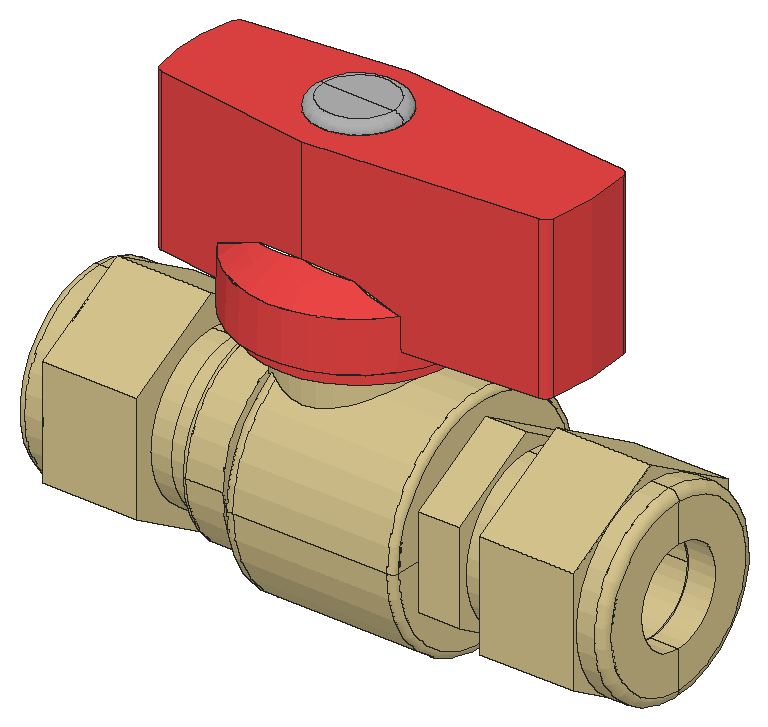
Revit family "QA10830000", category Apparecchi idraulici, Revit 2016
Family settings
  Tipo di parte = Normale
  Quota connettore circolare = Usa diametro
  Numero OmniClass = 23.45.00.00
  Titolo OmniClass = Sanitary, Laundry, and Cleaning Equipment
  Basato su piano di lavoro = No
  Sempre verticale = Sì
  Taglio con vuoti quando caricato = No
  Condiviso = No
  Punto di calcolo locali = No
Parameters
  URL = "https://web.cimberio.it/index.php/figura/346?subcategoria_id=42864"
  DN Model [instance] = QA10835012 : QA10835012
  DN [instance] = 10 mm
Reference planes
  plane 1 "Centro (Fronte/Retro)": y = 0
  plane 2: z = 0
  plane 3 "Centro (Sinistra/Destra)": x = 0
Dimensions and locks
  aligned and locked: level to plane 2
Nested families
  nested 1: "QA10835012" at (0, 0, 0), type <- "DN Model", type "QA10835012"
    with DN 10 mm
  nested 2: "QA10835012" at (0, 0, 0), type <- "DN Model", type "QA10835012"
    with DN 10 mm
  nested 3: "QA10835012" at (0, 0, 0), type <- "DN Model", type "QA10835012"
    with DN 10 mm
  nested 4: "QA10835012" at (0, 0, 0), type <- "DN Model", type "QA10835012"
    with DN 10 mm
  nested 5: "QA10835012" at (0, 0, 0), type <- "DN Model", type "QA10835012"
    with DN 10 mm
  nested 6: "QA10835012" at (0, 0, 0), type <- "DN Model", type "QA10835012"
    with DN 10 mm
  nested 7: "QA10835012" at (0, 0, 0), type <- "DN Model", type "QA10835012"
    with DN 10 mm
  nested 8: "QA10835012" at (0, 0, 0), type <- "DN Model", type "QA10835012"
    with DN 10 mm
  nested 9: "QA10835012" at (0, 0, 0), type <- "DN Model", type "QA10835012"
    with DN 10 mm
Connectors
  piping at (31.143, 0, 0), diameter 10, driven by "DN"
    settings: on nested 1, index 1, connector inside diameter 609.6 mm, connector length 0 mm, flow factor 0, pipe flow 0.0 L/s, pressure drop 0.0 Pa, fitting loss kfactor 0, connector angle 0.00°, fixture units 0, engagement length 0 mm, angle of deflection 0.00°, flow configuration 0, flow direction 0, fitting loss method 0, system type 7, joint type 0, gender type 0, connector reference index -1, connector utility 0, adjustable connector no, is connector primary yes, connector description ""
  piping at (-25.641, 0, 0), diameter 10, driven by "DN"
    settings: on nested 1, index 2, connector inside diameter 609.6 mm, connector length 0 mm, flow factor 0, pipe flow 0.0 L/s, pressure drop 0.0 Pa, fitting loss kfactor 0, connector angle 0.00°, fixture units 0, engagement length 0 mm, angle of deflection 0.00°, flow configuration 0, flow direction 0, fitting loss method 0, system type 7, joint type 0, gender type 0, connector reference index -1, connector utility 0, adjustable connector no, is connector primary no, connector description ""
Definition of nested family "QA10835012"
  Parameters (values of type "QA10835012")
    DN [instance] = 10 mm  # constant formula
  Reference planes
    plane 1 "Centro (Fronte/Retro)": y = 0
    plane 2: z = 0
    plane 3 "Centro (Sinistra/Destra)": x = 0
  Forms (mm)
    Revolve 1, solid
      sketch origin (0, 0, 0) x (1, 0, 0) y (0, 1, 0)
        loop
          line (-11, 5) -> (13.5, 5) -> (13.5, 11.551)
          arc (13.5, 11.551) -> (13.295, 12.045) -> (12.801, 12.25) r 0.699
          line (12.801, 12.25) -> (-3.566, 12.25)
          arc (-3.566, 12.25) -> (-3.991, 12.231) -> (-4.396, 12.104) r 1.643
          line (-4.396, 12.104) -> (-6.5, 10) -> (-10.383, 10)
          arc (-10.383, 10) -> (-10.776, 9.855) -> (-11, 9.5) r 0.652
          line (-11, 9.5) -> (-11, 5)
        axis (-11, 0) -> (13.5, 0)
      angle from 0 to 360
    Revolve 2, solid
      sketch origin (0, 0, 0) x (1, 0, 0) y (0, 0, 1)
        loop
          line (-13.308, 8.233) -> (-17.984, 8.233) -> (-17.984, 5) -> (-11, 5) -> (-11, 8.233) -> (-13.308, 8.233)
        axis (-17.984, 0) -> (-11, 0)
      angle from 0 to 360
    Revolve 3, solid
      sketch origin (0, 0, 0) x (-1, 0, 0) y (0, 0, -1)
        loop
          line (-13.5, -8.233) -> (-13.5, -5) -> (-24.044, -5) -> (-24.044, -8.233) -> (-13.5, -8.233)
        axis (-24.044, 0) -> (-13.5, 0)
      angle from 0 to 360
    Extrusion 4, solid
      sketch origin (-9.627, 0, 0) x (0, 0, 1) y (0, 1, 0)
        loop
          circle (0, 0) r 5
        loop
          line (11.55, 0) -> (5.775, 10.003) -> (-5.775, 10.003) -> (-11.55, 0) -> (-5.775, -10.003) -> (5.775, -10.003) -> (11.55, 0)
      from 5.999 to 16.013
    Revolve 5, solid
      sketch origin (1.373, 0, 0) x (1, 0, 0) y (0, 0, 1)
        loop
          arc (-29.013, 10) -> (-29.72, 9.707) -> (-30.013, 9) r 1
          line (-30.013, 9) -> (-30.013, 5) -> (-27.013, 5) -> (-27.013, 10) -> (-29.013, 10)
        axis (-30.013, 0) -> (-27.013, 0)
      angle from 0 to 360
    Extrusion 6, solid
      sketch origin (15.13, 0, 0) x (0, 0, 1) y (0, -1, 0)
        loop
          circle (0, 0) r 5
        loop
          line (11.55, 0) -> (5.632, 10.25) -> (-5.632, 10.25) -> (-11.55, 0) -> (-5.632, -10.25) -> (5.632, -10.25) -> (11.55, 0)
      from 5.999 to 16.013
    Revolve 7, solid
      sketch origin (4.13, 0, 0) x (-1, 0, 0) y (0, 0, -1)
        loop
          line (-29.013, -10) -> (-27.013, -10) -> (-27.013, -5) -> (-30.013, -5) -> (-30.013, -9)
          arc (-30.013, -9) -> (-29.72, -9.707) -> (-29.013, -10) r 1
        axis (-30.013, 0) -> (-27.013, 0)
      angle from 0 to 360
    Extrusion 8, solid
      sketch origin (0, 0, 0) x (0, 1, 0) y (0, 0, 1)
        loop
          circle (0, 0) r 5
        loop
          line (0, 10) -> (-9, 4.804) -> (-9, -4.804) -> (0, -10) -> (9, -4.804) -> (9, 4.804) -> (0, 10)
      from 13.5 to 18
    Revolve 9, solid
      sketch origin (0, 0, 0) x (1, 0, 0) y (0, 0, 1)
        loop
          line (7.5, 17.5) -> (0, 17.5) -> (0, 9.317) -> (7.5, 9.317) -> (7.5, 17.5)
        axis (0, 17.5) -> (0, 9.317)
      angle from 0 to 360
    Extrusion 10, solid
      sketch origin (0, 0, 0) x (1, 0, 0) y (0, 0, 1)
        loop
          arc (-9.5, 17.5) -> (-9.854, 17.354) -> (-10, 17) r 0.5
          line (-10, 17) -> (-10, 8.816) -> (-6.94, 8.816) -> (-6.94, 17.5) -> (-9.5, 17.5)
      from 0 to 1.5
    Revolve 11, solid
      sketch origin (0, 0, 5.705) x (1, 0, 0) y (0, 0, 1)
        loop
          line (0, 30.05) -> (0, 28.219) -> (4.75, 28.219) -> (4.75, 29.05)
          arc (4.75, 29.05) -> (4.457, 29.757) -> (3.75, 30.05) r 1
          line (3.75, 30.05) -> (0, 30.05)
        axis (0, 30.05) -> (0, 28.219)
      angle from 0 to 360
    Revolve 12, solid
      sketch origin (0, 0, 0) x (1, 0, 0) y (0, 0, 1)
        loop
          line (10.291, 13.953) -> (10.291, 14.898) -> (11.885, 15.819) -> (11.793, 21.089)
          arc (11.793, 21.089) -> (6.227, 24.012) -> (0, 24.884) r 18.354
          line (0, 24.884) -> (0, 13.953) -> (10.291, 13.953)
        axis (0, 13.953) -> (0, 24.884)
      angle from 0 to 360
    Extrusion 13, solid
      sketch origin (0, 0, 28.55) x (1, 0, 0) y (0, 1, 0)
        loop
          line (-0.64, 7.427) -> (-16.527, 5.503)
          arc (-16.527, 5.503) -> (-17.059, 5.267) -> (-17.371, 4.775) r 1
          arc (-17.371, 4.775) -> (-18.015, -0.039) -> (-17.348, -4.85) r 18
          arc (-17.348, -4.85) -> (-17.035, -5.341) -> (-16.501, -5.574) r 1
          line (-16.501, -5.574) -> (-0.015, -7.497) -> (23.643, -5.497)
          arc (23.643, -5.497) -> (24.228, -5.244) -> (24.541, -4.689) r 1
          arc (24.541, -4.689) -> (24.985, 0.003) -> (24.541, 4.694) r 25
          arc (24.541, 4.694) -> (24.228, 5.249) -> (23.643, 5.503) r 1
          line (23.643, 5.503) -> (-0.64, 7.427)
      from -10.827 to 6.203
  Cuts and joins
    joined: Revolve 12, Extrusion 13
  Dimensions and locks
    aligned and locked: level to plane 2
